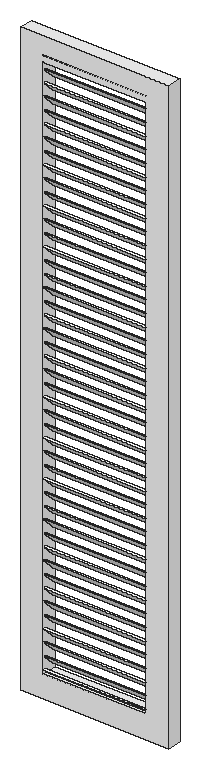
Revit family "WST_A3-Window-Shutter-Full-Height", category Generic Models, host Wall, Revit 2016
Family settings
  Host = Wall
  Part Type = Normal
  Can host rebar = No
  Round Connector Dimension = Use Diameter
  Always vertical = Yes
  Cut with Voids When Loaded = No
  Shared = No
  Room Calculation Point = No
Parameters (values of type "4655mm Wide 1200 h")
  Shutter Width = 650 mm
  Shutter Height = 2600 mm
  Assembly Code = ""
Reference planes
  plane 1 "Wall": y = 0
  plane 2 "Center (Left/Right)": x = 125
  plane 3 "Back": y = 172.5
  plane 4: z = 2500
  plane 5: z = 740
  plane 6: x = -525
  plane 7: z = 2600
  plane 8: z = 0
Forms (mm)
  Extrusion 1, solid, material "Timber Shutter - Frame", not visible
    sketch origin (305, 0, 0) x (0, 1, 0) y (0, 0, 1)
      loop
        line (211.306, 3230) -> (211.306, 1190) -> (791.306, 1190) -> (791.306, 3230) -> (211.306, 3230)
      loop
        line (691.306, 3130) -> (311.306, 3130) -> (311.306, 1290) -> (691.306, 1290) -> (691.306, 3130)
    from 0 to 50
  Extrusion 2, solid, material "Timber Shutter - Louvre", not visible
    sketch origin (180, 311.306, 0) x (-1, 0, 0) y (0, 0, 1)
      loop
        line (-175, 1428.964) -> (-125, 1478.964) -> (-128.536, 1482.5) -> (-178.536, 1432.5) -> (-175, 1428.964)
      loop
        line (-175, 1482.5) -> (-125, 1532.5) -> (-128.536, 1536.036) -> (-178.536, 1486.036) -> (-175, 1482.5)
      loop
        line (-175, 1536.036) -> (-125, 1586.036) -> (-128.536, 1589.571) -> (-178.536, 1539.571) -> (-175, 1536.036)
      loop
        line (-175, 1589.571) -> (-125, 1639.571) -> (-128.536, 1643.107) -> (-178.536, 1593.107) -> (-175, 1589.571)
      loop
        line (-175, 1643.107) -> (-125, 1693.107) -> (-128.536, 1696.642) -> (-178.536, 1646.642) -> (-175, 1643.107)
      loop
        line (-175, 1696.642) -> (-125, 1746.642) -> (-128.536, 1750.178) -> (-178.536, 1700.178) -> (-175, 1696.642)
      loop
        line (-175, 1750.178) -> (-125, 1800.178) -> (-128.536, 1803.713) -> (-178.536, 1753.713) -> (-175, 1750.178)
      loop
        line (-175, 1803.713) -> (-125, 1853.713) -> (-128.536, 1857.249) -> (-178.536, 1807.249) -> (-175, 1803.713)
      loop
        line (-175, 1857.249) -> (-125, 1907.249) -> (-128.536, 1910.784) -> (-178.536, 1860.784) -> (-175, 1857.249)
      loop
        line (-175, 1910.784) -> (-125, 1960.784) -> (-128.536, 1964.32) -> (-178.536, 1914.32) -> (-175, 1910.784)
      loop
        line (-175, 1964.32) -> (-125, 2014.32) -> (-128.536, 2017.855) -> (-178.536, 1967.855) -> (-175, 1964.32)
      loop
        line (-175, 2017.855) -> (-125, 2067.855) -> (-128.536, 2071.391) -> (-178.536, 2021.391) -> (-175, 2017.855)
      loop
        line (-175, 2071.391) -> (-125, 2121.391) -> (-128.536, 2124.926) -> (-178.536, 2074.926) -> (-175, 2071.391)
      loop
        line (-175, 2124.926) -> (-125, 2174.926) -> (-128.536, 2178.462) -> (-178.536, 2128.462) -> (-175, 2124.926)
      loop
        line (-175, 2178.462) -> (-125, 2228.462) -> (-128.536, 2231.997) -> (-178.536, 2181.997) -> (-175, 2178.462)
      loop
        line (-175, 2231.997) -> (-125, 2281.997) -> (-128.536, 2285.533) -> (-178.536, 2235.533) -> (-175, 2231.997)
      loop
        line (-175, 2285.533) -> (-125, 2335.533) -> (-128.536, 2339.069) -> (-178.536, 2289.069) -> (-175, 2285.533)
      loop
        line (-175, 2339.069) -> (-125, 2389.069) -> (-128.536, 2392.604) -> (-178.536, 2342.604) -> (-175, 2339.069)
      loop
        line (-175, 2392.604) -> (-125, 2442.604) -> (-128.536, 2446.14) -> (-178.536, 2396.14) -> (-175, 2392.604)
      loop
        line (-175, 2446.14) -> (-125, 2496.14) -> (-128.536, 2499.675) -> (-178.536, 2449.675) -> (-175, 2446.14)
      loop
        line (-175, 2499.675) -> (-125, 2549.675) -> (-128.536, 2553.211) -> (-178.536, 2503.211) -> (-175, 2499.675)
      loop
        line (-175, 2553.211) -> (-125, 2603.211) -> (-128.536, 2606.746) -> (-178.536, 2556.746) -> (-175, 2553.211)
      loop
        line (-175, 2606.746) -> (-125, 2656.746) -> (-128.536, 2660.282) -> (-178.536, 2610.282) -> (-175, 2606.746)
      loop
        line (-175, 2660.282) -> (-125, 2710.282) -> (-128.536, 2713.817) -> (-178.536, 2663.817) -> (-175, 2660.282)
      loop
        line (-175, 2713.817) -> (-125, 2763.817) -> (-128.536, 2767.353) -> (-178.536, 2717.353) -> (-175, 2713.817)
      loop
        line (-175, 2767.353) -> (-125, 2817.353) -> (-128.536, 2820.888) -> (-178.536, 2770.888) -> (-175, 2767.353)
      loop
        line (-175, 2820.888) -> (-125, 2870.888) -> (-128.536, 2874.424) -> (-178.536, 2824.424) -> (-175, 2820.888)
      loop
        line (-175, 2874.424) -> (-125, 2924.424) -> (-128.536, 2927.959) -> (-178.536, 2877.959) -> (-175, 2874.424)
      loop
        line (-175, 2927.959) -> (-125, 2977.959) -> (-128.536, 2981.495) -> (-178.536, 2931.495) -> (-175, 2927.959)
      loop
        line (-175, 2981.495) -> (-125, 3031.495) -> (-128.536, 3035.03) -> (-178.536, 2985.03) -> (-175, 2981.495)
      loop
        line (-175, 3035.03) -> (-125, 3085.03) -> (-128.536, 3088.566) -> (-178.536, 3038.566) -> (-175, 3035.03)
      loop
        line (-175, 3088.566) -> (-125, 3138.566) -> (-128.536, 3142.102) -> (-178.536, 3092.102) -> (-175, 3088.566)
      loop
        line (-175, 1375.429) -> (-125, 1425.429) -> (-128.536, 1428.964) -> (-178.536, 1378.964) -> (-175, 1375.429)
      loop
        line (-175, 1321.893) -> (-125, 1371.893) -> (-128.536, 1375.429) -> (-178.536, 1325.429) -> (-175, 1321.893)
      loop
        line (-153.358, 1290) -> (-125, 1318.358) -> (-128.536, 1321.893) -> (-160.429, 1290) -> (-153.358, 1290)
    from 0 to 380
  Extrusion 3, solid, material "Timber Shutter - Frame"
    sketch origin (326.306, 185, -1190) x (-1, 0, 0) y (0, 0, 1)
      loop
        line (201.306, 3790) -> (201.306, 1190) -> (851.306, 1190) -> (851.306, 3790) -> (201.306, 3790)
      loop
        line (751.306, 3690) -> (301.306, 3690) -> (301.306, 1290) -> (751.306, 1290) -> (751.306, 3690)
    from -12.5 to 50
  Extrusion 4, solid, material "Timber Shutter - Louvre"
    sketch origin (15, -67.5, -1102.102) x (0, -1, 0) y (0, 0, 1)
      loop
        line (-290, 1864.32) -> (-240, 1914.32) -> (-243.536, 1917.855) -> (-293.536, 1867.855) -> (-290, 1864.32)
      loop
        line (-290, 1917.855) -> (-240, 1967.855) -> (-243.536, 1971.391) -> (-293.536, 1921.391) -> (-290, 1917.855)
      loop
        line (-290, 1971.391) -> (-240, 2021.391) -> (-243.536, 2024.926) -> (-293.536, 1974.926) -> (-290, 1971.391)
      loop
        line (-290, 2024.926) -> (-240, 2074.926) -> (-243.536, 2078.462) -> (-293.536, 2028.462) -> (-290, 2024.926)
      loop
        line (-290, 2078.462) -> (-240, 2128.462) -> (-243.536, 2131.997) -> (-293.536, 2081.997) -> (-290, 2078.462)
      loop
        line (-290, 2131.997) -> (-240, 2181.997) -> (-243.536, 2185.533) -> (-293.536, 2135.533) -> (-290, 2131.997)
      loop
        line (-290, 2185.533) -> (-240, 2235.533) -> (-243.536, 2239.069) -> (-293.536, 2189.069) -> (-290, 2185.533)
      loop
        line (-290, 2239.069) -> (-240, 2289.069) -> (-243.536, 2292.604) -> (-293.536, 2242.604) -> (-290, 2239.069)
      loop
        line (-290, 2292.604) -> (-240, 2342.604) -> (-243.536, 2346.14) -> (-293.536, 2296.14) -> (-290, 2292.604)
      loop
        line (-290, 2346.14) -> (-240, 2396.14) -> (-243.536, 2399.675) -> (-293.536, 2349.675) -> (-290, 2346.14)
      loop
        line (-290, 2399.675) -> (-240, 2449.675) -> (-243.536, 2453.211) -> (-293.536, 2403.211) -> (-290, 2399.675)
      loop
        line (-290, 2453.211) -> (-240, 2503.211) -> (-243.536, 2506.746) -> (-293.536, 2456.746) -> (-290, 2453.211)
      loop
        line (-290, 2506.746) -> (-240, 2556.746) -> (-243.536, 2560.282) -> (-293.536, 2510.282) -> (-290, 2506.746)
      loop
        line (-290, 2560.282) -> (-240, 2610.282) -> (-243.536, 2613.817) -> (-293.536, 2563.817) -> (-290, 2560.282)
      loop
        line (-290, 2613.817) -> (-240, 2663.817) -> (-243.536, 2667.353) -> (-293.536, 2617.353) -> (-290, 2613.817)
      loop
        line (-290, 2667.353) -> (-240, 2717.353) -> (-243.536, 2720.888) -> (-293.536, 2670.888) -> (-290, 2667.353)
      loop
        line (-290, 2720.888) -> (-240, 2770.888) -> (-243.536, 2774.424) -> (-293.536, 2724.424) -> (-290, 2720.888)
      loop
        line (-290, 2774.424) -> (-240, 2824.424) -> (-243.536, 2827.959) -> (-293.536, 2777.959) -> (-290, 2774.424)
      loop
        line (-290, 2827.959) -> (-240, 2877.959) -> (-243.536, 2881.495) -> (-293.536, 2831.495) -> (-290, 2827.959)
      loop
        line (-290, 2881.495) -> (-240, 2931.495) -> (-243.536, 2935.03) -> (-293.536, 2885.03) -> (-290, 2881.495)
      loop
        line (-290, 2935.03) -> (-240, 2985.03) -> (-243.536, 2988.566) -> (-293.536, 2938.566) -> (-290, 2935.03)
      loop
        line (-290, 2988.566) -> (-240, 3038.566) -> (-243.536, 3042.102) -> (-293.536, 2992.102) -> (-290, 2988.566)
      loop
        line (-290, 3042.102) -> (-240, 3092.102) -> (-243.536, 3095.637) -> (-293.536, 3045.637) -> (-290, 3042.102)
      loop
        line (-290, 3095.637) -> (-240, 3145.637) -> (-243.536, 3149.173) -> (-293.536, 3099.173) -> (-290, 3095.637)
      loop
        line (-290, 3149.173) -> (-240, 3199.173) -> (-243.536, 3202.708) -> (-293.536, 3152.708) -> (-290, 3149.173)
      loop
        line (-290, 3202.708) -> (-240, 3252.708) -> (-243.536, 3256.244) -> (-293.536, 3206.244) -> (-290, 3202.708)
      loop
        line (-290, 3256.244) -> (-240, 3306.244) -> (-243.536, 3309.779) -> (-293.536, 3259.779) -> (-290, 3256.244)
      loop
        line (-290, 3309.779) -> (-240, 3359.779) -> (-243.536, 3363.315) -> (-293.536, 3313.315) -> (-290, 3309.779)
      loop
        line (-290, 3363.315) -> (-240, 3413.315) -> (-243.536, 3416.85) -> (-293.536, 3366.85) -> (-290, 3363.315)
      loop
        line (-290, 3416.85) -> (-240, 3466.85) -> (-243.536, 3470.386) -> (-293.536, 3420.386) -> (-290, 3416.85)
      loop
        line (-290, 3470.386) -> (-240, 3520.386) -> (-243.536, 3523.921) -> (-293.536, 3473.921) -> (-290, 3470.386)
      loop
        line (-290, 3523.921) -> (-240, 3573.921) -> (-243.536, 3577.457) -> (-293.536, 3527.457) -> (-290, 3523.921)
      loop
        line (-290, 3577.457) -> (-240, 3627.457) -> (-243.536, 3630.992) -> (-293.536, 3580.992) -> (-290, 3577.457)
      loop
        line (-290, 1810.784) -> (-240, 1860.784) -> (-243.536, 1864.32) -> (-293.536, 1814.32) -> (-290, 1810.784)
      loop
        line (-290, 1757.249) -> (-240, 1807.249) -> (-243.536, 1810.784) -> (-293.536, 1760.784) -> (-290, 1757.249)
      loop
        line (-290, 1703.713) -> (-240, 1753.713) -> (-243.536, 1757.249) -> (-293.536, 1707.249) -> (-290, 1703.713)
      loop
        line (-290, 1650.178) -> (-240, 1700.178) -> (-243.536, 1703.713) -> (-293.536, 1653.713) -> (-290, 1650.178)
      loop
        line (-290, 1596.642) -> (-240, 1646.642) -> (-243.536, 1650.178) -> (-293.536, 1600.178) -> (-290, 1596.642)
      loop
        line (-290, 1543.107) -> (-240, 1593.107) -> (-243.536, 1596.642) -> (-293.536, 1546.642) -> (-290, 1543.107)
      loop
        line (-290, 1489.571) -> (-240, 1539.571) -> (-243.536, 1543.107) -> (-293.536, 1493.107) -> (-290, 1489.571)
      loop
        line (-290, 1436.036) -> (-240, 1486.036) -> (-243.536, 1489.571) -> (-293.536, 1439.571) -> (-290, 1436.036)
      loop
        line (-290, 1382.5) -> (-240, 1432.5) -> (-243.536, 1436.036) -> (-293.536, 1386.036) -> (-290, 1382.5)
      loop
        line (-290, 1328.964) -> (-240, 1378.964) -> (-243.536, 1382.5) -> (-293.536, 1332.5) -> (-290, 1328.964)
      loop
        line (-290, 1275.429) -> (-240, 1325.429) -> (-243.536, 1328.964) -> (-293.536, 1278.964) -> (-290, 1275.429)
      loop
        line (-290, 1221.893) -> (-240, 1271.893) -> (-243.536, 1275.429) -> (-293.536, 1225.429) -> (-290, 1221.893)
      loop
        line (-290, 1168.358) -> (-240, 1218.358) -> (-243.536, 1221.893) -> (-293.536, 1171.893) -> (-290, 1168.358)
    from -10 to 440
Text (mm)
  text "Placement Side" at (-1848.837, 1116.779, 0), in view "Ref. Level"
  text "Placement side" at (0, 1409.804, 2854.306), in view "Left"
  text "Placement side" at (0, 499.811, 2980.732), in view "Right"
Dimensions and locks
  plane 3 "Back" to host wall = 0 mm
  locked: Extrusion 1 sketch curve to Extrusion 2 at 100  (x2)
  locked: Extrusion 1 sketch curve to Extrusion 1 sketch curve at 100  (x2)
  locked: Extrusion 3 sketch curve to Extrusion 3 sketch curve at 100  (x4)
  "Shutter Width": plane 2 "Center (Left/Right)" to plane 6
  "Shutter Height": plane 8 to plane 7
  aligned and locked: plane 1 "Wall" to host wall
  aligned and locked: plane 2 "Center (Left/Right)" to Extrusion 3
  aligned and locked: plane 6 to Extrusion 3
  aligned and locked: Extrusion 4 to Extrusion 3
  aligned and locked: Extrusion 3 to plane 4
  aligned and locked: plane 3 "Back" to Extrusion 3
  aligned and locked: plane 7 to Extrusion 3 sketch curve
Automatic sketch dimensions
  Extrusion 3 sketch curve to plane 2 "Center (Left/Right)" = 0 mm
  Extrusion 3 sketch curve to plane 6 = 0 mm
  Extrusion 3 sketch curve to plane 5 = 640 mm
  Extrusion 4 sketch curve to host wall = 0 mm  (x46)
  host wall to Extrusion 4 sketch curve = 3.536 mm  (x46)
  host wall to Extrusion 4 sketch curve = 50 mm
  plane 5 to Extrusion 4 sketch curve = 22.218 mm  (x2)
  Extrusion 4 sketch curve to Extrusion 4 sketch curve = 46.464 mm  (x45)
  Extrusion 4 sketch curve to Extrusion 4 sketch curve = 3.536 mm  (x46)
  Extrusion 4 sketch curve to plane 5 = 31.317 mm
  Extrusion 4 sketch curve to Extrusion 4 sketch curve = 0 mm  (x42)
  Extrusion 4 sketch curve to plane 4 = 24.645 mm
